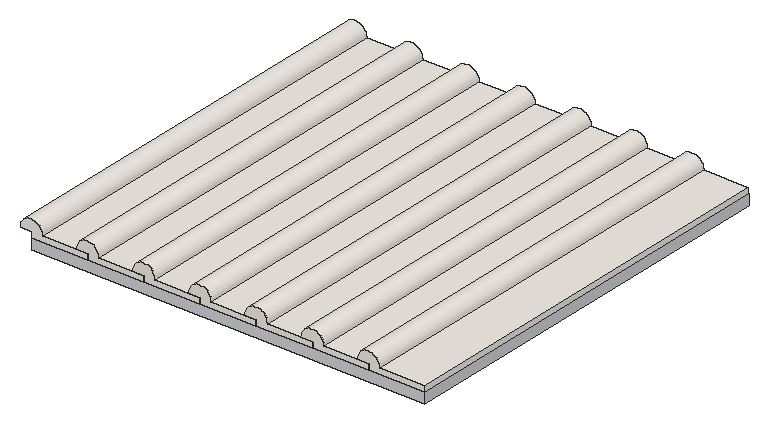
Revit family "Tambour Ellis .5 in - 18  x 18", category Generic Models, host Face, Revit 2023
Family settings
  Host = Face
  Can host rebar = No
  Round Connector Dimension = Use Diameter
  Part Type = Normal
  Cut with Voids When Loaded = No
  Maintain Annotation Orientation = No
  Shared = No
  Room Calculation Point = No
Parameters (values of type "Tambour Ellis - 18 X 18 - SW MATTE WHITE")
  Tambour Material = Cambio Color Block - White Flour
  SUBSTRATE THICKNESS = 0' - 0 121/256"
  PANEL WIDTH = 1' - 5 1/2"
  PANEL HEIGHT = 1' - 6"
  Default Elevation = 4' - 0"
Types (7): name | Tambour Material
  (no name) | Cambio Color Block - White Flour
  Tambour Ellis - 18 X 18 - OAK | Cambio Wood Veneer - Oak
  Tambour Ellis - 18 X 18 - WALNUT | Cambio Wood Veneer - Walnut
  Tambour Ellis - 18 X 18 - SW MATTE BLACK | Cambio Color Block - Tricorn Black
  Tambour Ellis - 18 X 18 - SW MATTE WHITE | Cambio Color Block - White Flour
  Tambour Ellis - 18 X 18 - SW MATTE GRAY | Cambio Color Block - Serious Gray
  Tambour Ellis - 18 X 18 - SW MATTE LIGHT GRAY | Cambio Color Block - Morning Fog
Reference planes (in)
  plane 1 "Center (Front/Back)": y = 0
  plane 2: z = 0
  plane 3 "Center (Left/Right)": x = 0
Dimensions and locks (in)
  aligned and locked: plane 2 to host face
  aligned and locked: level to host face
Nested families (in)
  nested 1: "Tambour Ellis Stick - 1in" at (6.25, 0, 0.47266), type "TAMBOUR .5 X 18""
  nested 2: "Tambour Ellis Stick - 1in" at (3.75, 0, 0.47266), type "TAMBOUR .5 X 18""
  nested 3: "Tambour Ellis Stick - 1in" at (1.25, 0, 0.47266), type "TAMBOUR .5 X 18""
  nested 4: "Tambour Ellis Stick - 1in" at (-1.25, 0, 0.47266), type "TAMBOUR .5 X 18""
  nested 5: "Tambour Ellis Stick - 1in" at (-3.75, 0, 0.47266), type "TAMBOUR .5 X 18""
  nested 6: "Tambour Ellis Stick - 1in" at (-6.25, 0, 0.47266), type "TAMBOUR .5 X 18""
  nested 7: "Tambour Ellis Stick - 1in" at (-8.75, 0, 0.47266), type "TAMBOUR .5 X 18""
  nested 8: "17.5 x 18 Substrate" at (-0.25, 0, 0), type "17.5 x 18 Substrate"
Definition of nested family "Tambour Ellis Stick - 1in"
  Parameters (values of type "TAMBOUR .75 X 18" - OAK")
    TAMBOUR MATERIAL = none
    STICK LENGTH = 1' - 6"
    Default Elevation = 4' - 0"
  Types (25): name | STICK LENGTH
    (no name) | 1' - 6"
    TAMBOUR .75 X 18" - OAK | 1' - 6"
    TAMBOUR .75 X 36" - OAK | 3' - 0"
    TAMBOUR .75 X 54" - OAK | 4' - 6"
    TAMBOUR .75 X 90" - WALNUT | 7' - 6"
    TAMBOUR .75 X 18" - WALNUT | 1' - 6"
    TAMBOUR .75 X 36" - WALNUT | 3' - 0"
    TAMBOUR .75 X 54" - WALNUT | 4' - 6"
    TAMBOUR .75 X 90" - OAK | 7' - 6"
    TAMBOUR .75 X 18" - SW MATTE BLACK | 1' - 6"
    TAMBOUR .75 X 36" - SW MATTE BLACK | 3' - 0"
    TAMBOUR .75 X 54" - SW MATTE BLACK | 4' - 6"
    TAMBOUR .75 X 90" - SW MATTE BLACK | 7' - 6"
    TAMBOUR .75 X 90" - SW MATTE GREY | 7' - 6"
    TAMBOUR .75 X 54" - SW MATTE GREY | 4' - 6"
    TAMBOUR .75 X 36" - SW MATTE GREY | 4' - 6"
    TAMBOUR .75 X 18" - SW MATTE GREY | 1' - 6"
    TAMBOUR .75 X 18" -SW MATTE LIGHT GRAY | 1' - 6"
    TAMBOUR .75 X 36" -SW MATTE LIGHT GRAY | 3' - 0"
    TAMBOUR .75 X 54" -SW MATTE LIGHT GRAY | 4' - 6"
    TAMBOUR .75 X 90" -SW MATTE LIGHT GRAY | 7' - 6"
    TAMBOUR .75 X 90" -SW MATTE WHITE | 7' - 6"
    TAMBOUR .75 X 54" -SW MATTE WHITE | 4' - 6"
    TAMBOUR .75 X 36" -SW MATTE WHITE | 3' - 0"
    TAMBOUR .75 X 18" -SW MATTE WHITE | 1' - 6"
  Reference planes (in)
    plane 1 "Center (Front/Back)": y = 0
    plane 2: z = 0
    plane 3 "Center (Left/Right)": x = 0
    plane 4: y = -9
    plane 5: y = 9
  Forms (in)
    Extrusion 1, solid
      sketch origin (0, 0, 0) x (1, 0, 0) y (0, 1, 0)
        loop
          line (-48, 48) -> (-48, -48) -> (48, -48) -> (48, 48) -> (-48, 48)
      from 0 to -12
    Extrusion 2, solid, material <- "TAMBOUR MATERIAL"
      sketch origin (0, 0, 0) x (1, 0, 0) y (0, 0, 1)
        loop
          line (0, 0) -> (2.5, 0) -> (2.5, 0.25) -> (0.5, 0.25)
          arc (0.5, 0.25) -> (0, 0.75) -> (-0.5, 0.25) r 0.5
          line (-0.5, 0.25) -> (0, 0.25) -> (0, 0)
      from -9 to 9
  Dimensions and locks (in)
    equal spacing: plane 5, plane 1 "Center (Front/Back)", plane 4
    "STICK LENGTH": plane 5 to plane 4
    aligned and locked: plane 2 to Extrusion 1
    aligned and locked: level to Extrusion 1
    aligned and locked: Extrusion 2 to plane 4
    aligned and locked: plane 5 to Extrusion 2
  Automatic sketch dimensions
    Extrusion 1 sketch curve to Extrusion 1 sketch curve = 8' - 0"  (x2)
    Extrusion 2 sketch curve to plane 3 "Center (Left/Right)" = 0' - 0"  (x2)
    Extrusion 2 sketch curve to level = 0' - 0"
    plane 3 "Center (Left/Right)" to Extrusion 2 sketch curve = 0' - 0 1/2"
    Extrusion 2 sketch curve to Extrusion 2 sketch curve = 0' - 2"
    Extrusion 2 sketch curve to Extrusion 2 sketch curve = 0' - 0 1/4"
Definition of nested family "17.5 x 18 Substrate"
  Parameters (values of type "17.5 x 18 Substrate")
    Width = 1' - 5 1/2"
    Substrate Material = none
    Substrate Height = 1' - 3"
    Height = 1' - 6"
    Default Elevation = 4' - 0"
  Reference planes (in)
    plane 1 "Center (Front/Back)": y = 0
    plane 2: z = 0
    plane 3 "Center (Left/Right)": x = 0
    plane 4: x = -9
  Forms (in)
    Extrusion 1, solid
      sketch origin (0, 0, 0) x (1, 0, 0) y (0, 1, 0)
        loop
          line (-48, 48) -> (-48, -48) -> (48, -48) -> (48, 48) -> (-48, 48)
      from 0 to -12
    Extrusion 2, solid, material <- "Substrate Material"
      sketch origin (0, 0, 0) x (1, 0, 0) y (0, 1, 0)
        loop
          line (-8.5, 9) -> (-8.5, -9) -> (9, -9) -> (9, 9) -> (-8.5, 9)
      from 0 to 0.47244
  Dimensions and locks (in)
    plane 4 to plane 3 "Center (Left/Right)" to Extrusion 2 sketch curve = 0' - 9", 0' - 9"
    equal spacing: Extrusion 2 sketch curve, plane 1 "Center (Front/Back)", Extrusion 2 sketch curve
    "Height": Extrusion 2 to Extrusion 2
    "Width": Extrusion 2 to Extrusion 2
    locked: plane 4 to Extrusion 2 sketch curve at 0.5
    aligned and locked: plane 2 to Extrusion 1
    aligned and locked: level to Extrusion 1
  Automatic sketch dimensions
    Extrusion 1 sketch curve to Extrusion 1 sketch curve = 8' - 0"  (x2)
    plane 1 "Center (Front/Back)" to Extrusion 2 sketch curve = 0' - 9"
